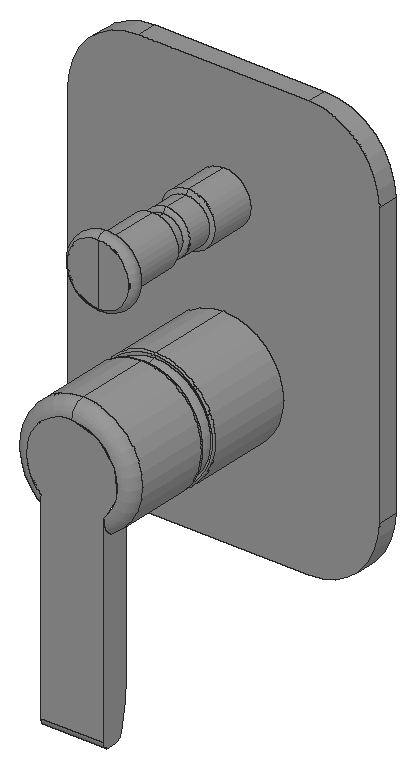
Revit family "MZ RECEP TRENTO", category Plumbing Fixtures, Revit 2019
Family settings
  Round Connector Dimension = Use Diameter
  Part Type = Normal
  OmniClass Number = 23.45.00.00
  OmniClass Title = Sanitary, Laundry, and Cleaning Equipment
  Work Plane-Based = No
  Always vertical = Yes
  Cut with Voids When Loaded = No
  Shared = No
  Room Calculation Point = No
Reference planes
  plane 1 "Center (Front/Back)": y = 0
  plane 2: z = 0
  plane 3 "Center (Left/Right)": x = 0
Forms (mm)
  Extrusion 1, solid
    sketch origin (0, 0, 0) x (1, 0, 0) y (0, 0, 1)
      loop
        arc (0, 25) -> (7.322, 7.322) -> (25, 0) r 25
        line (25, 0) -> (85, 0)
        arc (85, 0) -> (102.678, 7.322) -> (110, 25) r 25
        line (110, 25) -> (110, 125)
        arc (110, 125) -> (102.678, 142.678) -> (85, 150) r 25
        line (85, 150) -> (25, 150)
        arc (25, 150) -> (7.322, 142.678) -> (0, 125) r 25
        line (0, 125) -> (0, 25)
    from 0 to 7
  Revolve 2, solid
    sketch origin (55, 0, 0) x (0, 1, 0) y (0, 0, 1)
      loop
        line (-7, 52) -> (-7, 73) -> (-36.976, 73)
        arc (-36.976, 73) -> (-37.347, 72.847) -> (-37.5, 72.476) r 0.524
        line (-37.5, 72.476) -> (-37.5, 71.588)
        arc (-37.5, 71.588) -> (-40.378, 70.581) -> (-42, 68) r 4.616
        line (-42, 68) -> (-42, 71.887)
        arc (-42, 71.887) -> (-42.326, 72.674) -> (-43.113, 73) r 1.113
        line (-43.113, 73) -> (-69, 73)
        arc (-69, 73) -> (-72.536, 71.536) -> (-74, 68) r 5
        line (-74, 68) -> (-74, 52) -> (-7, 52)
      axis (-7, 52) -> (-74, 52)
    angle from 0 to 360
  Revolve 3, solid
    sketch origin (55, 0, 0) x (0, 1, 0) y (0, 0, 1)
      loop
        line (-7, 109) -> (-7, 118.5) -> (-22.634, 118.5) -> (-23.5, 117) -> (-32.157, 117)
        arc (-32.157, 117) -> (-33.132, 116.581) -> (-33.498, 115.585) r 1.343
        line (-33.498, 115.585) -> (-38.5, 115.585) -> (-38.5, 118) -> (-57.5, 118) -> (-57.5, 120)
        arc (-57.5, 120) -> (-60, 121.4) -> (-62.5, 120) r 2.932
        line (-62.5, 120) -> (-62.5, 109) -> (-7, 109)
      axis (-7, 109) -> (-62.5, 109)
    angle from 0 to 360
  Extrusion 4, solid
    sketch origin (0, 0, 0) x (0, 1, 0) y (0, 0, 1)
      loop
        line (-64, 52) -> (-74, 52) -> (-74, -30.536)
        arc (-74, -30.536) -> (-73.278, -32.278) -> (-71.536, -33) r 2.464
        line (-71.536, -33) -> (-68.873, -33)
        arc (-68.873, -33) -> (-67.278, -32.424) -> (-66.42, -30.962) r 2.496
        line (-66.42, -30.962) -> (-64.62, -21.323)
        arc (-64.62, -21.323) -> (-64.155, -17.986) -> (-64, -14.62) r 36.528
        line (-64, -14.62) -> (-64, 52)
    from 44 to 66
Cuts and joins
  joined: Revolve 2, Extrusion 4
Lines and regions (mm)
  reference lines
    curve 1: line (55, 0, 85) -> (66, 0, 85)
    curve 2: line (55, 0, 85) -> (44, 0, 85)
Dimensions and locks
  aligned and locked: level to plane 2
